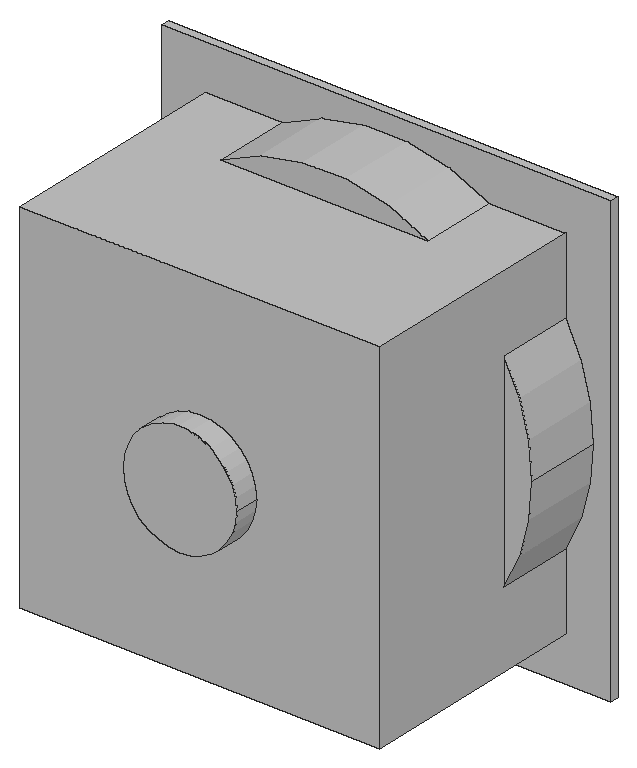
Revit family "ewf_ewg-40_60eta2_fta2-h_60Hz", category 機械設備, Revit 2019
Family settings
  丸型コネクタ寸法 = 直径を使用
  パーツ タイプ = 標準
  OmniClass 番号 = 23.75.35.21.17
  OmniClass タイトル = Industrial Ventilating Equipment
  作業面ベース = いいえ
  常に垂直 = はい
  ロード時にボイドで切り取り = はい
  共有 = いいえ
  部屋計算ポイント = はい
Parameters (values of type "EWF-40ETA2-H_200V")
  騒音レベル(dB(A)) [instance] = 50.5
  風量 [instance] = 設計風量  # 0.0 m³/h
  電源種別 [instance] = ""
  電圧 = 200 V
  電動機出力 = 400 W
  電動機_種別 [instance] = ""
  運転質量 = 0.00 kg
  連動 [instance] = ""
  質量 = if(製品質量 > 運転質量, 製品質量, 運転質量) * 1.2  # 19.92 kg
  負荷分類 = 3_ファン類
  説明 = "産業用有圧換気扇 低騒音形 耐熱タイプ 排気専用"
  設計風量 [instance] = 0.0 m³/h
  設置方法 = "壁付"
  記号 [instance] = ""
  製造元 = "三菱電機株式会社"
  製品質量 = 16.60 kg
  製品出荷対象 = "国内"
  製品リリース年月 = "2022年6月1日"
  製品グループ = ""
  羽根径 = "∅400"
  レグ_Depth = 279.4 mm
  系統 [instance] = ""
  符号 [instance] = if(☑給気／□排気, "FS", "FE")  # "FE"
  積算_科目 = ""
  積算_拾い区分 [instance] = ""
  相 = 3
  盤記号 [instance] = ""
  盤工事区分 = ""
  発停方法 [instance] = ""
  特殊仕様 [instance] = ""
  火災停止 [instance] = ""
  消費電力 = 325 W
  法定耐用年数 = "15"
  極数 = 3
  極 = 4
  材質 [instance] = ""
  操作・制御方式 = ""
  操作・制御スイッチ = ""
  排気量 [instance] = if(☑給気／□排気, 0.0 m³/h, 設計風量)  # 0.0 m³/h
  形式 = ""
  幹線記号 [instance] = ""
  対象室 [instance] = ""
  実風量 [instance] = 0.0 m³/h
  始動方式 [instance] = "直入"
  外気量 [instance] = if(☑給気／□排気, 設計風量, 0.0 m³/h)  # 0.0 m³/h
  呼称 = "有圧扇"
  周波数 = 60 Hz
  参照している仕様書等のバージョン = ""
  分類コード = "50052503100110"
  分類グループ = ""
  価格 = 185000
  企業コード = "108420"
  付属品_防振装置 = ""
  付属品 [instance] = ""
  仕様書バージョン = "Version1.0"
  レグ_Width = 416 mm
  レグ_Height = 416 mm
  モーター径 = 131 mm
  モデル = "EWF-40ETA2-H"
  フレームの厚さ = 10 mm
  ファンの種類 = "軸流羽根"
  コメント [instance] = ""
  Keynote = ""
  オリフィス_Depth = 99 mm
  ☑給気／□排気 [instance] = no
  Width = 520 mm
  Version = ""
  Uniclass2015Version = "Systems v1.9"
  Uniclass2015Title = "Propeller fans"
  Uniclass2015Code = "Pr_65_67_29_67"
  URL = "https://www.mitsubishielectric.co.jp/ldg/wink/ssl/displayProduct.do?pid=319052"
  SpecificationReference = ""
  SpecificationDescription = ""
  Revision = ""
  ProductInformation = ""
  OmniClassCode = "23-33 31 19 11 17"
  MIN風量 = 0.0 m³/h
  MID風量 = 0.0 m³/h
  MAX風量 = 5520.0 m³/h
  IfcTypeProduct = ""
  IfcProduct = ""
  IfcExportType = "TUBEAXIAL"
  IfcExportAs = "IfcFanType"
  Height = 520 mm
  オリフィス径 = 480 mm
  Depth = 308 mm
  Author = "三菱電機株式会社"
Types (6, lengths in mm): name | 騒音レベル(dB(A)) | 電圧 | 電動機出力 | 質量 | 製品質量 | 羽根径 | レグ_Depth | 消費電力 | 極 | 価格 | レグ_Width | レグ_Height | モーター径 | モデル | オリフィス_Depth | Width | URL | MAX風量 | Height | オリフィス径 | Depth
  EWF-40ETA2-H_200V | 50.5 | 200 V | 400 W | 19.92 kg | 16.60 kg | "∅400" | 279.4 | 325 W | 4 | 185000 | 416 | 416 | 131 | "EWF-40ETA2-H" | 99 | 520 | "https://www.mitsubishielectric.co.jp/ldg/wink/ssl/displayProduct.do?pid=319052" | 5520.0 m³/h | 520 | 480 | 308
  EWF-50FTA2-H_200V | 54 | 200 V | 750 W | 30.00 kg | 25.00 kg | "∅500" | 242 | 512 W | 4 | 231000 | 516 | 516 | 200 | "EWF-50FTA2-H" | 84 | 620 | "https://www.mitsubishielectric.co.jp/ldg/wink/ssl/displayProduct.do?pid=319063" | 8280.0 m³/h | 620 | 590 | 327
  EWG-60FTA2-H_200V | 51 | 200 V | 750 W | 34.80 kg | 29.00 kg | "∅600" | 290 | 580 W | 6 | 286000 | 606 | 606 | 200 | "EWG-60FTA2-H" | 119 | 710 | "https://www.mitsubishielectric.co.jp/ldg/wink/ssl/displayProduct.do?pid=318822" | 11160.0 m³/h | 710 | 703 | 375
  EWF-40ETA2-H_220V | 51 | 220 V | 400 W | 19.92 kg | 16.60 kg | "∅400" | 279.4 | 330 W | 4 | 185000 | 416 | 416 | 131 | "EWF-40ETA2-H" | 99 | 520 | "https://www.mitsubishielectric.co.jp/ldg/wink/ssl/displayProduct.do?pid=319052" | 5520.0 m³/h | 520 | 480 | 308
  EWF-50FTA2-H_220V | 54.5 | 220 V | 750 W | 30.00 kg | 25.00 kg | "∅500" | 242 | 520 W | 4 | 231000 | 516 | 516 | 200 | "EWF-50FTA2-H" | 84 | 620 | "https://www.mitsubishielectric.co.jp/ldg/wink/ssl/displayProduct.do?pid=319063" | 8280.0 m³/h | 620 | 590 | 327
  EWG-60FTA2-H_220V | 51 | 220 V | 750 W | 34.80 kg | 29.00 kg | "∅600" | 290 | 585 W | 6 | 286000 | 606 | 606 | 200 | "EWG-60FTA2-H" | 119 | 710 | "https://www.mitsubishielectric.co.jp/ldg/wink/ssl/displayProduct.do?pid=318822" | 11160.0 m³/h | 710 | 703 | 375
Reference planes
  plane 1 "中心(正面/背面)": y = 0
  plane 2: z = 0
  plane 3 "中心(左/右)": x = 0
  plane 4: z = 0
  plane 5: through (212.832, -1524, 243.759) normal (-0.6508, 0, -0.7593)
  plane 6: through (-212.884, -1524, -243.751) normal (0.6508, 0, 0.7593)
  plane 7: through (208.307, -1524, -247.63) normal (-0.6508, 0, 0.7593)
  plane 8: z = 260
  plane 9: z = -260
  plane 10 "左": x = -260
  plane 11 "右": x = 260
  plane 12 "正面": y = -308
  plane 13: y = -10
  plane 14: through (-208.307, -1524, -247.63) normal (-0.6508, 0, -0.7593)
  plane 15: y = -58
  plane 16: y = 42
  plane 17: x = -250
  plane 18: x = 250
  plane 19: y = -99
  plane 20: y = -279.4
  plane 21: x = -208
  plane 22: x = 208
  plane 23: z = 208
  plane 24: z = -208
Forms (mm)
  Extrusion 1, solid, detail levels fine
    sketch origin (0, 0, 0) x (1, 0, 0) y (0, 1, 0)
      loop
        line (-260, 0) -> (-260, -10) -> (260, -10) -> (260, 0) -> (-260, 0)
    from -260 to 260
  Extrusion 2, solid, detail levels fine
    sketch origin (140, -23.659, 0) x (-1, 0, 0) y (0, 0, -1)
      loop
        circle (140, 0) r 65.5
    from 255.741 to 284.341
  Extrusion 3, solid
    sketch origin (0, -153.783, 0) x (1, 0, 0) y (0, 0, 1)
      loop
        circle (0, 0) r 240
    from -143.783 to -54.783
  Extrusion 4, solid
    sketch origin (0, 0, 0) x (1, 0, 0) y (0, 0, 1)
      loop
        line (-208, 208) -> (-208, -208) -> (208, -208) -> (208, 208) -> (-208, 208)
    from 10 to 279.4
Cuts and joins
  joined: Extrusion 3, Extrusion 4
Lines and regions (mm)
  Masking region 1, detail levels coarse+medium
    outline origin (0, 0, 0) x (1, 0, 0) y (0, 1, 0)
      loop
        line (-250, -308) -> (250, -308) -> (250, -58) -> (-250, -58) -> (-250, -308)
  Masking region 2, detail levels coarse+medium
    outline origin (0, 0, 0) x (1, 0, 0) y (0, 1, 0)
      loop
        line (-224, -58) -> (224, -58) -> (224, 42) -> (-224, 42) -> (-224, -58)
  symbolic lines, detail levels coarse+medium
    curve 1: circle (224, -295.4, 0) r 115 normal (0, 0, 1)
    curve 2: circle (-224, -295.4, 0) r 115 normal (0, 0, -1)
Dimensions and locks
  level to plane 4 = 0 mm
  equal spacing: plane 8, level, plane 9
  "Depth": plane 12 "正面" to plane 1 "中心(正面/背面)"  (x2)
  "Width": plane 10 "左" to plane 11 "右"
  "Height": plane 8 to plane 9
  "フレームの厚さ": plane 13 to plane 1 "中心(正面/背面)"
  plane 12 "正面" to plane 15 to plane 16 = 250 mm locked, 100 mm locked
  locked: plane 17 to plane 18 at 500
  "オリフィス_Depth": plane 1 "中心(正面/背面)" to plane 19
  "レグ_Depth": plane 1 "中心(正面/背面)" to plane 20
  equal spacing: plane 10 "左", plane 3 "中心(左/右)", plane 11 "右"
  equal spacing: plane 22, plane 3 "中心(左/右)", plane 21
  "レグ_Width": plane 22 to plane 21
  equal spacing: plane 23, level, plane 24
  "レグ_Height": plane 23 to plane 24
  "オリフィス径": diameter of Extrusion 3 sketch curve
  "モーター径": diameter of Extrusion 2 sketch curve
  aligned and locked: level to plane 2
  aligned and locked: Extrusion 1 to plane 8
  aligned and locked: plane 10 "左" to Extrusion 1
  aligned and locked: Extrusion 1 to plane 11 "右"
  aligned and locked: plane 9 to Extrusion 1
  aligned and locked: Extrusion 1 to plane 13
  aligned and locked: Extrusion 1 to plane 1 "中心(正面/背面)"  (x5)
  aligned and locked: plane 12 "正面" to Extrusion 2
  aligned and locked: plane 1 "中心(正面/背面)" to Extrusion 1  (x2)
  aligned and locked: plane 4 to Extrusion 2 sketch curve
  aligned and locked: plane 12 "正面" to Masking region 1 sketch curve
  aligned and locked: plane 17 to Masking region 1 sketch curve
  aligned and locked: plane 15 to Masking region 1 sketch curve
  aligned and locked: plane 18 to Masking region 1 sketch curve
  aligned and locked: Masking region 2 sketch curve to plane 15
  aligned and locked: plane 16 to Masking region 2 sketch curve
  aligned and locked: Extrusion 3 to Extrusion 1
  aligned and locked: Extrusion 3 to plane 19
  aligned and locked: plane 20 to Extrusion 2
  aligned and locked: Extrusion 4 to Extrusion 2
  aligned and locked: Extrusion 4 to Extrusion 1
  aligned and locked: Extrusion 4 to plane 21
  aligned and locked: plane 23 to Extrusion 4
  aligned and locked: plane 22 to Extrusion 4
  aligned and locked: Extrusion 4 to plane 24
Automatic sketch dimensions
  Extrusion 1 sketch curve to plane 10 "左" = 0 mm
  Extrusion 1 sketch curve to plane 11 "右" = 0 mm
  Extrusion 1 sketch curve to plane 13 = 0 mm
  plane 1 "中心(正面/背面)" to Extrusion 1 sketch curve = 0 mm
  Extrusion 3 sketch curve to level = 0 mm
  Extrusion 3 sketch curve to plane 3 "中心(左/右)" = 0 mm
  curve 2 to plane 20 = 16 mm
  curve 1 to plane 20 = 16 mm
  curve 2 to plane 10 "左" = 36 mm
  Masking region 2 sketch curve to plane 10 "左" = 36 mm
  plane 11 "右" to curve 1 = 36 mm
  plane 11 "右" to Masking region 2 sketch curve = 36 mm
  Extrusion 2 sketch curve to plane 3 "中心(左/右)" = 0 mm
  Extrusion 4 sketch curve to plane 21 = 0 mm
  plane 22 to Extrusion 4 sketch curve = 0 mm
  Extrusion 4 sketch curve to plane 24 = 0 mm
  plane 23 to Extrusion 4 sketch curve = 0 mm
  radius of curve 1 = 115 mm
  radius of curve 2 = 115 mm
Connectors
  electrical at (260, -5, 0), driven by "電圧", driven by "負荷分類", driven by "消費電力", driven by "極数"
    settings: on Extrusion 1, index 2, voltage 200 V, apparent load 325 VA, apparent load phase1 0 VA, apparent load phase2 0 VA, apparent load phase3 0 VA, power factor 1, load classification "3_ファン類", number of poles 3, system type 30, power factor state 1, is connector primary yes, connector utility no, sub classification motor no, connector description ""
